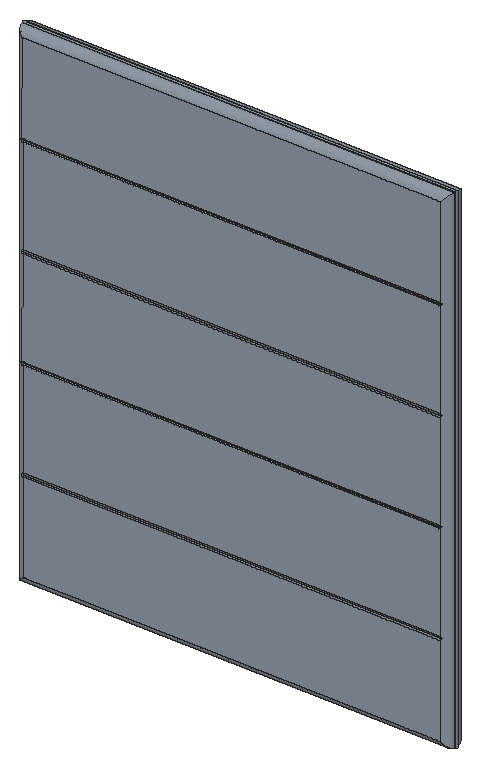
Revit family "FU_Modular_Sandler_Tetris 8100PT", category Furniture, Revit 2022
Family settings
  OmniClass Number = 23.40.20.00
  OmniClass Title = General Furniture and Specialties
  Work Plane-Based = No
  Always vertical = Yes
  Cut with Voids When Loaded = No
  Render Appearance Source = Family Geometry
  Shared = No
  Room Calculation Point = No
Parameters (values of type "Tetris 8100PT")
  Width = 1100 mm
  URL = "https://www.sandlerseating.com/product/tetris-8100pt/"
  Screen [instance] = Fabric - Gravity - Frozen CPC27
  Model = "Tetris 8100PT"
  Manufacturer = "Sandler"
  Height = 1300 mm
  Description = "Upholstered rear privacy screen for sofas and modules with backrest. Width 100cm / 39.4\". To be used with the Tetris range."
  Depth = 850 mm
  Default Elevation = 0 mm
Reference planes
  plane 1 "Center (Front/Back)": y = 0
  plane 2: z = 0
  plane 3 "Center (Left/Right)": x = 0
  plane 4 "Right": x = -550
  plane 5 "Left": x = 550
  plane 6 "Back": y = 425
  plane 7 "Front": y = -425
  plane 8 "Height": z = 1300
  plane 9 "Screen Base": z = 150
  plane 10 "Sreen C Right": x = -525
  plane 11 "Screen C Left": x = 525
  plane 12 "Screen C Back": y = 400
Forms (mm)
  Sweep 1, solid, material "Fabric - Gravity - Frozen CPC27" <- "Screen"
    path origin (0, 0, 150) x (-1, 0, 0) y (0, -1, 0)
      loop
        line (500, -400) -> (-500, -400)
    profile "Pro_Tetris_Screen : Pro_Tetris_Screen" origin (0, 400, 150) x (0, 1, 0) y (0, 0, 1)
      loop
        line (-25.013, 0) -> (24.981, 0) -> (24.981, 226.429)
        arc (24.981, 226.429) -> (24.591, 228.366) -> (23.481, 230) r 5
        arc (23.481, 230) -> (24.591, 231.634) -> (24.981, 233.571) r 5
        line (24.981, 233.571) -> (24.981, 456.425)
        arc (24.981, 456.425) -> (24.589, 458.364) -> (23.476, 460) r 5
        arc (23.476, 460) -> (24.589, 461.636) -> (24.981, 463.575) r 5
        line (24.981, 463.575) -> (24.981, 686.429)
        arc (24.981, 686.429) -> (24.591, 688.366) -> (23.481, 690) r 5
        arc (23.481, 690) -> (24.591, 691.634) -> (24.981, 693.571) r 5
        line (24.981, 693.571) -> (24.981, 916.425)
        arc (24.981, 916.425) -> (24.589, 918.364) -> (23.476, 920) r 5
        arc (23.476, 920) -> (24.589, 921.636) -> (24.981, 923.575) r 5
        line (24.981, 923.575) -> (24.981, 1150) -> (-25.013, 1150) -> (-25.013, 923.575)
        arc (-25.013, 923.575) -> (-24.594, 921.648) -> (-23.495, 920.018) r 5
        arc (-23.495, 920.018) -> (-24.618, 918.378) -> (-25.013, 916.429) r 5
        line (-25.013, 916.429) -> (-25.013, 693.571)
        arc (-25.013, 693.571) -> (-24.623, 691.635) -> (-23.513, 690) r 5
        arc (-23.513, 690) -> (-24.623, 688.366) -> (-25.013, 686.429) r 5
        line (-25.013, 686.429) -> (-25.013, 463.575)
        arc (-25.013, 463.575) -> (-24.594, 461.648) -> (-23.495, 460.018) r 5
        arc (-23.495, 460.018) -> (-24.618, 458.378) -> (-25.013, 456.429) r 5
        line (-25.013, 456.429) -> (-25.013, 233.571)
        arc (-25.013, 233.571) -> (-24.623, 231.635) -> (-23.513, 230) r 5
        arc (-23.513, 230) -> (-24.623, 228.366) -> (-25.013, 226.429) r 5
        line (-25.013, 226.429) -> (-25.013, 0)
  Sweep 2, void
    path in 3D
      loop
        line (500, 374.987, 1300) -> (500, 374.987, 150) -> (-500, 374.987, 150) -> (-500, 374.987, 1300) -> (500, 374.987, 1300)
    profile "Pro_Tetris_ScreenEdge : Pro_Tetris_ScreenEdge" origin (0, 374.987, 1300) x (0, 1, 0) y (0, 0, 1)
      loop
        line (19.5, -2.5) -> (22.5, -2.5)
        arc (22.5, -2.5) -> (25, 0) -> (27.5, -2.5) r 2.5
        line (27.5, -2.5) -> (30.5, -2.5)
        arc (30.5, -2.5) -> (44.642, -8.358) -> (50.5, -22.5) r 20
        line (50.5, -22.5) -> (55, -22.5) -> (55, 7.5) -> (-5, 7.5) -> (-5, -22.5) -> (-0.5, -22.5)
        arc (-0.5, -22.5) -> (5.358, -8.358) -> (19.5, -2.5) r 20
Cuts and joins
  Sweep 2 cuts Sweep 1
Lines and regions (mm)
  sketch lines
    curve 1: line (-500, 374.987, 1300) -> (500, 374.987, 1300)
    curve 2: line (500, 374.987, 1300) -> (500, 374.987, 150)
    curve 3: line (-500, 374.987, 150) -> (500, 374.987, 150)
    curve 4: line (-500, 374.987, 150) -> (-500, 374.987, 1300)
Dimensions and locks
  equal spacing: plane 4 "Right", plane 3 "Center (Left/Right)", plane 5 "Left"
  "Width": plane 4 "Right" to plane 5 "Left"
  equal spacing: plane 6 "Back", plane 1 "Center (Front/Back)", plane 7 "Front"
  "Depth": plane 6 "Back" to plane 7 "Front"
  "Height": plane 8 "Height" to level
  plane 8 "Height" to plane 9 "Screen Base" = 1150 mm
  aligned and locked: level to plane 2
Automatic sketch dimensions
  Sweep 1 sketch curve to plane 11 "Screen C Left" = 25 mm
  Sweep 1 sketch curve to plane 10 "Sreen C Right" = 25 mm
  Sweep 1 sketch curve to plane 12 "Screen C Back" = 0 mm
